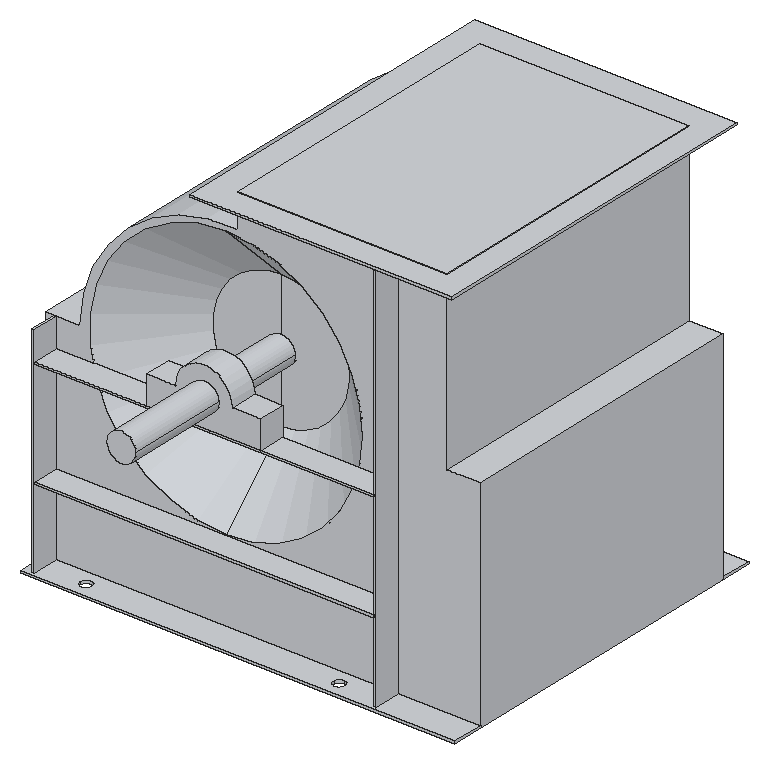
Revit family "CA_DWDI_CW_UBD", category Mechanical Equipment, Revit 2019 (continued)
Types (61): name | X/2 | X | W/2 | W | V | U | T | S | R/2 | R+R | R | P-N-M | P-N | P | N | M/2 | M | L | K | J | INLET/2 | INLET | H | G/5*3 | G/10*3 | G-2.5" | G-(G/5*3) | G+((G/5*3)+2") | G | F-.125" | F-((D-A)/2) | F | E/2 | E | D/2 | D | B/2 | B+.25" | B | A/2 | A+.25" | A | Type Comments | -P | -((B+.25")/2) | (M-(B+.25"))/2 | (G/5*3)+2" | (D-A-.25)/2 | ((B+.25")/2)
  245_CA-DWDI_CW_UBD_CLASS_2 | 1' - 8 21/32" | 3' - 5 5/16" | 0' - 0 13/32" | 0' - 0 13/16" | 0' - 8" | 1' - 1 1/2" | 1' - 6 21/32" | 3' - 1 5/16" | 0' - 1 7/32" | 0' - 4 7/8" | 0' - 2 7/16" | 0' - 2 1/4" | -3' - 5 5/16" | 4' - 2 1/16" | 0' - 8 3/4" | 1' - 7 17/32" | 3' - 3 1/16" | 1' - 7 17/32" | 0' - 2" | 1' - 8 7/8" | 1' - 2 23/32" | 2' - 5 7/16" | 4' - 1 1/2" | 1' - 2 23/32" | 0' - 7 23/64" | 1' - 10 9/16" | 0' - 10 9/32" | 3' - 5 23/32" | 2' - 1" | 3' - 10" | 3' - 8 7/16" | 3' - 10 1/8" | 1' - 7 7/32" | 3' - 2 7/16" | 1' - 2 7/16" | 2' - 4 7/8" | 1' - 5 17/32" | 2' - 11 5/16" | 2' - 11 1/16" | 1' - 0 3/4" | 2' - 1 3/4" | 2' - 1 1/2" | "Airfoil Centrifugal Blower Clockwise Up Blast Arrangement 3 Class 2" | -4' - 2 1/16" | -1' - 5 21/32" | 0' - 1 7/8" | 1' - 4 23/32" | 0' - 1 9/16" | 1' - 5 21/32"
  245_CA-DWDI_CW_UBD_CLASS_3 | 1' - 8 21/32" | 3' - 5 5/16" | 0' - 0 13/32" | 0' - 0 13/16" | 0' - 8" | 1' - 1 1/2" | 1' - 6 21/32" | 3' - 1 5/16" | 0' - 1 3/32" | 0' - 4 3/8" | 0' - 2 3/16" | 0' - 2 7/8" | -3' - 5 15/16" | 4' - 2 11/16" | 0' - 8 3/4" | 1' - 7 17/32" | 3' - 3 1/16" | 1' - 7 17/32" | 0' - 2" | 1' - 8 7/8" | 1' - 2 23/32" | 2' - 5 7/16" | 4' - 1 1/2" | 1' - 2 23/32" | 0' - 7 23/64" | 1' - 10 13/16" | 0' - 10 9/32" | 3' - 5 23/32" | 2' - 1" | 3' - 10" | 3' - 8 7/16" | 3' - 10 1/8" | 1' - 7 7/32" | 3' - 2 7/16" | 1' - 2 7/16" | 2' - 4 7/8" | 1' - 5 17/32" | 2' - 11 5/16" | 2' - 11 1/16" | 1' - 0 3/4" | 2' - 1 3/4" | 2' - 1 1/2" | "Airfoil Centrifugal Blower Clockwise Up Blast Arrangement 3 Class 3" | -4' - 2 11/16" | -1' - 5 21/32" | 0' - 1 7/8" | 1' - 4 23/32" | 0' - 1 9/16" | 1' - 5 21/32"
  270_CA-DWDI_CW_UBD_CLASS_2 | 1' - 10 27/32" | 3' - 9 11/16" | 0' - 0 13/32" | 0' - 0 13/16" | 0' - 9" | 1' - 3" | 1' - 8 27/32" | 3' - 5 11/16" | 0' - 1 11/32" | 0' - 5 3/8" | 0' - 2 11/16" | 0' - 2 1/2" | -3' - 9 15/16" | 4' - 6 15/16" | 0' - 9" | 1' - 9 23/32" | 3' - 7 7/16" | 1' - 9 23/32" | 0' - 2" | 1' - 11 3/8" | 1' - 3 31/32" | 2' - 7 15/16" | 4' - 6 3/4" | 1' - 3 31/32" | 0' - 7 63/64" | 2' - 0 5/16" | 0' - 11 1/32" | 3' - 8 31/32" | 2' - 3" | 4' - 2 1/8" | 4' - 0 9/16" | 4' - 2 1/4" | 1' - 9 13/32" | 3' - 6 13/16" | 1' - 3 7/16" | 2' - 6 7/8" | 1' - 7 23/32" | 3' - 3 11/16" | 3' - 3 7/16" | 1' - 1 3/4" | 2' - 3 3/4" | 2' - 3 1/2" | "Airfoil Centrifugal Blower Clockwise Up Blast Arrangement 3 Class 2" | -4' - 6 15/16" | -1' - 7 27/32" | 0' - 1 7/8" | 1' - 5 31/32" | 0' - 1 9/16" | 1' - 7 27/32"
  270_CA-DWDI_CW_UBD_CLASS_3 | 1' - 10 27/32" | 3' - 9 11/16" | 0' - 0 13/32" | 0' - 0 13/16" | 0' - 9" | 1' - 3" | 1' - 8 27/32" | 3' - 5 11/16" | 0' - 1 3/32" | 0' - 4 3/8" | 0' - 2 3/16" | 0' - 2 7/8" | -3' - 10 5/16" | 4' - 7 1/16" | 0' - 8 3/4" | 1' - 9 23/32" | 3' - 7 7/16" | 1' - 9 23/32" | 0' - 2" | 1' - 11 3/8" | 1' - 3 31/32" | 2' - 7 15/16" | 4' - 6 3/4" | 1' - 3 31/32" | 0' - 7 63/64" | 2' - 0 13/16" | 0' - 11 1/32" | 3' - 8 31/32" | 2' - 3" | 4' - 2 1/8" | 4' - 0 9/16" | 4' - 2 1/4" | 1' - 9 13/32" | 3' - 6 13/16" | 1' - 3 7/16" | 2' - 6 7/8" | 1' - 7 23/32" | 3' - 3 11/16" | 3' - 3 7/16" | 1' - 1 3/4" | 2' - 3 3/4" | 2' - 3 1/2" | "Airfoil Centrifugal Blower Clockwise Up Blast Arrangement 3 Class 3" | -4' - 7 1/16" | -1' - 7 27/32" | 0' - 1 7/8" | 1' - 5 31/32" | 0' - 1 9/16" | 1' - 7 27/32"
  300_CA-DWDI_CW_UBD_CLASS_2 | 2' - 0 5/8" | 4' - 1 1/4" | 0' - 0 13/32" | 0' - 0 13/16" | 0' - 10" | 1' - 4 1/2" | 1' - 10 5/8" | 3' - 9 1/4" | 0' - 1 11/32" | 0' - 5 3/8" | 0' - 2 11/16" | 0' - 2 1/2" | -4' - 1 1/2" | 4' - 11" | 0' - 9 1/2" | 1' - 11 1/2" | 3' - 11" | 1' - 11 1/2" | 0' - 2" | 2' - 1 3/8" | 1' - 5 15/32" | 2' - 10 15/16" | 5' - 0" | 1' - 5 15/32" | 0' - 8 47/64" | 2' - 3 5/16" | 1' - 0 17/32" | 4' - 1 15/32" | 2' - 6" | 4' - 7 3/4" | 4' - 6 5/32" | 4' - 7 7/8" | 1' - 11 7/32" | 3' - 10 7/16" | 1' - 5 5/16" | 2' - 10 5/8" | 1' - 9 1/2" | 3' - 7 1/4" | 3' - 7" | 1' - 3 19/32" | 2' - 7 7/16" | 2' - 7 3/16" | "Airfoil Centrifugal Blower Clockwise Up Blast Arrangement 3 Class 2" | -4' - 11" | -1' - 9 5/8" | 0' - 1 7/8" | 1' - 7 15/32" | 0' - 1 19/32" | 1' - 9 5/8"
  300_CA-DWDI_CW_UBD_CLASS_3 | 2' - 0 5/8" | 4' - 1 1/4" | 0' - 0 13/32" | 0' - 0 13/16" | 0' - 10" | 1' - 4 1/2" | 1' - 10 5/8" | 3' - 9 1/4" | 0' - 1 7/32" | 0' - 4 7/8" | 0' - 2 7/16" | 0' - 2 7/8" | -4' - 1 7/8" | 4' - 11 3/8" | 0' - 9 1/2" | 1' - 11 1/2" | 3' - 11" | 1' - 11 1/2" | 0' - 2" | 2' - 1 3/8" | 1' - 5 15/32" | 2' - 10 15/16" | 5' - 0" | 1' - 5 15/32" | 0' - 8 47/64" | 2' - 3 9/16" | 1' - 0 17/32" | 4' - 1 15/32" | 2' - 6" | 4' - 7 3/4" | 4' - 6 5/32" | 4' - 7 7/8" | 1' - 11 7/32" | 3' - 10 7/16" | 1' - 5 5/16" | 2' - 10 5/8" | 1' - 9 1/2" | 3' - 7 1/4" | 3' - 7" | 1' - 3 19/32" | 2' - 7 7/16" | 2' - 7 3/16" | "Airfoil Centrifugal Blower Clockwise Up Blast Arrangement 3 Class 3" | -4' - 11 3/8" | -1' - 9 5/8" | 0' - 1 7/8" | 1' - 7 15/32" | 0' - 1 19/32" | 1' - 9 5/8"
  330_CA-DWDI_CW_UBD_CLASS_2 | 2' - 2 23/32" | 4' - 5 7/16" | 0' - 0 13/32" | 0' - 0 13/16" | 1' - 0" | 1' - 6" | 2' - 0 21/32" | 4' - 1 5/16" | 0' - 1 3/32" | 0' - 4 3/8" | 0' - 2 3/16" | 0' - 3" | -4' - 6 1/16" | 5' - 3 11/16" | 0' - 9 5/8" | 2' - 1 17/32" | 4' - 3 1/16" | 2' - 1 17/32" | 0' - 2" | 2' - 3 7/8" | 1' - 6 31/32" | 3' - 1 15/16" | 5' - 5 3/4" | 1' - 6 31/32" | 0' - 9 31/64" | 2' - 6 13/16" | 1' - 2 1/32" | 4' - 5 31/32" | 2' - 9" | 5' - 1 1/4" | 4' - 11 5/32" | 5' - 1 3/8" | 2' - 1 3/4" | 4' - 3 1/2" | 1' - 7 15/32" | 3' - 2 15/16" | 1' - 11 17/32" | 3' - 11 5/16" | 3' - 11 1/16" | 1' - 5 1/4" | 2' - 10 3/4" | 2' - 10 1/2" | "Airfoil Centrifugal Blower Clockwise Up Blast Arrangement 3 Class 2" | -5' - 3 11/16" | -1' - 11 21/32" | 0' - 1 7/8" | 1' - 8 31/32" | 0' - 2 3/32" | 1' - 11 21/32"
  330_CA-DWDI_CW_UBD_CLASS_3 | 2' - 2 23/32" | 4' - 5 7/16" | 0' - 0 13/32" | 0' - 0 13/16" | 1' - 0" | 1' - 6" | 2' - 0 21/32" | 4' - 1 5/16" | 0' - 1 7/32" | 0' - 4 7/8" | 0' - 2 7/16" | 0' - 2 7/8" | -4' - 5 15/16" | 5' - 3 15/16" | 0' - 10" | 2' - 1 17/32" | 4' - 3 1/16" | 2' - 1 17/32" | 0' - 2" | 2' - 3 7/8" | 1' - 6 31/32" | 3' - 1 15/16" | 5' - 5 3/4" | 1' - 6 31/32" | 0' - 9 31/64" | 2' - 6 9/16" | 1' - 2 1/32" | 4' - 5 31/32" | 2' - 9" | 5' - 1 1/4" | 4' - 11 5/32" | 5' - 1 3/8" | 2' - 1 3/4" | 4' - 3 1/2" | 1' - 7 15/32" | 3' - 2 15/16" | 1' - 11 17/32" | 3' - 11 5/16" | 3' - 11 1/16" | 1' - 5 1/4" | 2' - 10 3/4" | 2' - 10 1/2" | "Airfoil Centrifugal Blower Clockwise Up Blast Arrangement 3 Class 3" | -5' - 3 15/16" | -1' - 11 21/32" | 0' - 1 7/8" | 1' - 8 31/32" | 0' - 2 3/32" | 1' - 11 21/32"
  365_CA-DWDI_CW_UBD_CLASS_2 | 2' - 5 9/32" | 4' - 10 9/16" | 0' - 0 13/32" | 0' - 0 13/16" | 1' - 1" | 1' - 8" | 2' - 3 7/32" | 4' - 6 7/16" | 0' - 1 7/32" | 0' - 4 7/8" | 0' - 2 7/16" | 0' - 2 7/8" | -4' - 11 1/16" | 5' - 9 9/16" | 0' - 10 1/2" | 2' - 4 3/32" | 4' - 8 3/16" | 2' - 4 3/32" | 0' - 2" | 2' - 6 5/8" | 1' - 8 23/32" | 3' - 5 7/16" | 6' - 0 3/8" | 1' - 8 23/32" | 0' - 10 23/64" | 2' - 9 9/16" | 1' - 3 9/32" | 4' - 10 23/32" | 3' - 0" | 5' - 7 5/16" | 5' - 5 7/32" | 5' - 7 7/16" | 2' - 4 5/16" | 4' - 8 5/8" | 1' - 9 9/16" | 3' - 7 1/8" | 2' - 2 3/32" | 4' - 4 7/16" | 4' - 4 3/16" | 1' - 7 11/32" | 3' - 2 15/16" | 3' - 2 11/16" | "Airfoil Centrifugal Blower Clockwise Up Blast Arrangement 3 Class 2" | -5' - 9 9/16" | -2' - 2 7/32" | 0' - 1 7/8" | 1' - 10 23/32" | 0' - 2 3/32" | 2' - 2 7/32"
  365_CA-DWDI_CW_UBD_CLASS_3 | 2' - 5 9/32" | 4' - 10 9/16" | 0' - 0 13/32" | 0' - 0 13/16" | 1' - 1" | 1' - 8" | 2' - 3 7/32" | 4' - 6 7/16" | 0' - 1 11/32" | 0' - 5 3/8" | 0' - 2 11/16" | 0' - 3 3/8" | -4' - 11 9/16" | 5' - 10 1/16" | 0' - 10 1/2" | 2' - 4 3/32" | 4' - 8 3/16" | 2' - 4 3/32" | 0' - 2" | 2' - 6 5/8" | 1' - 8 23/32" | 3' - 5 7/16" | 6' - 0 3/8" | 1' - 8 23/32" | 0' - 10 23/64" | 2' - 9 5/16" | 1' - 3 9/32" | 4' - 10 23/32" | 3' - 0" | 5' - 7 5/16" | 5' - 5 7/32" | 5' - 7 7/16" | 2' - 4 5/16" | 4' - 8 5/8" | 1' - 9 9/16" | 3' - 7 1/8" | 2' - 2 3/32" | 4' - 4 7/16" | 4' - 4 3/16" | 1' - 7 11/32" | 3' - 2 15/16" | 3' - 2 11/16" | "Airfoil Centrifugal Blower Clockwise Up Blast Arrangement 3 Class 3" | -5' - 10 1/16" | -2' - 2 7/32" | 0' - 1 7/8" | 1' - 10 23/32" | 0' - 2 3/32" | 2' - 2 7/32"
  402_CA-DWDI_CW_UBD_CLASS_2 | 2' - 8 19/32" | 5' - 5 3/16" | 0' - 0 17/32" | 0' - 1 1/16" | 1' - 2" | 1' - 10" | 2' - 6 21/32" | 5' - 1 5/16" | 0' - 1 7/32" | 0' - 4 7/8" | 0' - 2 7/16" | 0' - 1 7/8" | -5' - 5 11/16" | 6' - 3 11/16" | 0' - 10" | 2' - 7 29/32" | 5' - 3 13/16" | 2' - 7 29/32" | 0' - 3" | 2' - 9 5/8" | 1' - 10 19/32" | 3' - 9 3/16" | 6' - 8 3/8" | 1' - 10 19/32" | 0' - 11 19/64" | 3' - 1 9/16" | 1' - 5 13/32" | 5' - 4 19/32" | 3' - 4" | 6' - 2 9/16" | 6' - 0 15/32" | 6' - 2 11/16" | 2' - 7 1/8" | 5' - 2 1/4" | 1' - 11 3/32" | 3' - 10 3/16" | 2' - 4 29/32" | 4' - 10 1/16" | 4' - 9 13/16" | 1' - 8 7/8" | 3' - 6" | 3' - 5 3/4" | "Airfoil Centrifugal Blower Clockwise Up Blast Arrangement 3 Class 2" | -6' - 3 11/16" | -2' - 5 1/32" | 0' - 2 7/8" | 2' - 0 19/32" | 0' - 2 3/32" | 2' - 5 1/32"
  402_CA-DWDI_CW_UBD_CLASS_3 | 2' - 8 19/32" | 5' - 5 3/16" | 0' - 0 17/32" | 0' - 1 1/16" | 1' - 2" | 1' - 10" | 2' - 6 21/32" | 5' - 1 5/16" | 0' - 1 11/32" | 0' - 5 3/8" | 0' - 2 11/16" | 0' - 1 7/8" | -5' - 5 11/16" | 6' - 4 3/16" | 0' - 10 1/2" | 2' - 7 29/32" | 5' - 3 13/16" | 2' - 7 29/32" | 0' - 3" | 2' - 9 5/8" | 1' - 10 19/32" | 3' - 9 3/16" | 6' - 8 3/8" | 1' - 10 19/32" | 0' - 11 19/64" | 3' - 1 5/16" | 1' - 5 13/32" | 5' - 4 19/32" | 3' - 4" | 6' - 2 9/16" | 6' - 0 15/32" | 6' - 2 11/16" | 2' - 7 1/8" | 5' - 2 1/4" | 1' - 11 3/32" | 3' - 10 3/16" | 2' - 4 29/32" | 4' - 10 1/16" | 4' - 9 13/16" | 1' - 8 7/8" | 3' - 6" | 3' - 5 3/4" | "Airfoil Centrifugal Blower Clockwise Up Blast Arrangement 3 Class 3" | -6' - 4 3/16" | -2' - 5 1/32" | 0' - 2 7/8" | 2' - 0 19/32" | 0' - 2 3/32" | 2' - 5 1/32"
  445_CA-DWDI_CW_UBD_CLASS_2 | 2' - 11 13/16" | 5' - 11 5/8" | 0' - 0 17/32" | 0' - 1 1/16" | 1' - 4" | 2' - 0" | 2' - 9 7/8" | 5' - 7 3/4" | 0' - 1 11/32" | 0' - 5 3/8" | 0' - 2 11/16" | 0' - 2 1/4" | -6' - 0 1/2" | 6' - 11 1/2" | 0' - 11" | 2' - 11 1/8" | 5' - 10 1/4" | 2' - 11 1/8" | 0' - 3" | 3' - 1 1/8" | 2' - 0 23/32" | 4' - 1 7/16" | 7' - 4 1/2" | 2' - 0 23/32" | 1' - 0 23/64" | 3' - 5 5/16" | 1' - 7 9/32" | 5' - 10 23/32" | 3' - 8" | 6' - 10 3/16" | 6' - 8 3/32" | 6' - 10 5/16" | 2' - 10 11/32" | 5' - 8 11/16" | 2' - 1 3/16" | 4' - 2 3/8" | 2' - 8 1/8" | 5' - 4 1/2" | 5' - 4 1/4" | 1' - 10 31/32" | 3' - 10 3/16" | 3' - 9 15/16" | "Airfoil Centrifugal Blower Clockwise Up Blast Arrangement 3 Class 2" | -6' - 11 1/2" | -2' - 8 1/4" | 0' - 2 7/8" | 2' - 2 23/32" | 0' - 2 3/32" | 2' - 8 1/4"
  445_CA-DWDI_CW_UBD_CLASS_3 | 2' - 11 13/16" | 5' - 11 5/8" | 0' - 0 17/32" | 0' - 1 1/16" | 1' - 4" | 2' - 0" | 2' - 9 7/8" | 5' - 7 3/4" | 0' - 1 15/32" | 0' - 5 7/8" | 0' - 2 15/16" | 0' - 2 1/4" | -6' - 0 1/2" | 6' - 11 1/2" | 0' - 11" | 2' - 11 1/8" | 5' - 10 1/4" | 2' - 11 1/8" | 0' - 3" | 3' - 1 1/8" | 2' - 0 23/32" | 4' - 1 7/16" | 7' - 4 1/2" | 2' - 0 23/32" | 1' - 0 23/64" | 3' - 5 1/16" | 1' - 7 9/32" | 5' - 10 23/32" | 3' - 8" | 6' - 10 3/16" | 6' - 8 3/32" | 6' - 10 5/16" | 2' - 10 11/32" | 5' - 8 11/16" | 2' - 1 3/16" | 4' - 2 3/8" | 2' - 8 1/8" | 5' - 4 1/2" | 5' - 4 1/4" | 1' - 10 31/32" | 3' - 10 3/16" | 3' - 9 15/16" | "Airfoil Centrifugal Blower Clockwise Up Blast Arrangement 3 Class 3" | -6' - 11 1/2" | -2' - 8 1/4" | 0' - 2 7/8" | 2' - 2 23/32" | 0' - 2 3/32" | 2' - 8 1/4"
  490_CA-DWDI_CW_UBD_CLASS_2 | 3' - 2 3/4" | 6' - 5 1/2" | 0' - 0 17/32" | 0' - 1 1/16" | 1' - 6" | 2' - 2 1/2" | 3' - 0 13/16" | 6' - 1 5/8" | 0' - 1 23/32" | 0' - 6 7/8" | 0' - 3 7/16" | 0' - 2 1/4" | -6' - 6 3/8" | 7' - 6 3/8" | 1' - 0" | 3' - 2 1/16" | 6' - 4 1/8" | 3' - 2 1/16" | 0' - 3" | 3' - 4 3/4" | 2' - 3 1/2" | 4' - 7" | 8' - 1" | 2' - 3 1/2" | 1' - 1 3/4" | 3' - 8 9/16" | 1' - 8 1/2" | 6' - 5 1/2" | 4' - 0" | 7' - 6 1/16" | 7' - 3 31/32" | 7' - 6 3/16" | 3' - 1 9/32" | 6' - 2 9/16" | 2' - 3 23/32" | 4' - 7 7/16" | 2' - 11 1/16" | 5' - 10 3/8" | 5' - 10 1/8" | 2' - 1 1/2" | 4' - 3 1/4" | 4' - 3" | "Airfoil Centrifugal Blower Clockwise Up Blast Arrangement 3 Class 2" | -7' - 6 3/8" | -2' - 11 3/16" | 0' - 2 7/8" | 2' - 5 1/2" | 0' - 2 3/32" | 2' - 11 3/16"
  490_CA-DWDI_CW_UBD_CLASS_3 | 3' - 2 3/4" | 6' - 5 1/2" | 0' - 0 17/32" | 0' - 1 1/16" | 1' - 6" | 2' - 2 1/2" | 3' - 0 13/16" | 6' - 1 5/8" | 0' - 1 23/32" | 0' - 6 7/8" | 0' - 3 7/16" | 0' - 2 1/2" | -6' - 6 5/8" | 7' - 6 5/8" | 1' - 0" | 3' - 2 1/16" | 6' - 4 1/8" | 3' - 2 1/16" | 0' - 3" | 3' - 4 3/4" | 2' - 3 1/2" | 4' - 7" | 8' - 1" | 2' - 3 1/2" | 1' - 1 3/4" | 3' - 8 9/16" | 1' - 8 1/2" | 6' - 5 1/2" | 4' - 0" | 7' - 6 1/16" | 7' - 3 31/32" | 7' - 6 3/16" | 3' - 1 9/32" | 6' - 2 9/16" | 2' - 3 23/32" | 4' - 7 7/16" | 2' - 11 1/16" | 5' - 10 3/8" | 5' - 10 1/8" | 2' - 1 1/2" | 4' - 3 1/4" | 4' - 3" | "Airfoil Centrifugal Blower Clockwise Up Blast Arrangement 3 Class 3" | -7' - 6 5/8" | -2' - 11 3/16" | 0' - 2 7/8" | 2' - 5 1/2" | 0' - 2 3/32" | 2' - 11 3/16"
  540_CA-DWDI_CW_UBD_CLASS_2 | 3' - 8 5/32" | 7' - 4 5/16" | 0' - 0 17/32" | 0' - 1 1/16" | 1' - 8" | 2' - 5" | 3' - 4 23/32" | 6' - 9 7/16" | 0' - 1 31/32" | 0' - 7 7/8" | 0' - 3 15/16" | 0' - 2 1/4" | -7' - 2 3/16" | 8' - 3 15/16" | 1' - 1 3/4" | 3' - 5 31/32" | 6' - 11 15/16" | 3' - 5 31/32" | 0' - 3" | 3' - 8 7/8" | 2' - 6" | 5' - 0" | 8' - 10 5/8" | 2' - 6" | 1' - 3" | 4' - 1 1/16" | 1' - 11" | 7' - 1" | 4' - 5" | 8' - 3 3/8" | 8' - 1 9/32" | 8' - 3 1/2" | 3' - 5 3/16" | 6' - 10 3/8" | 2' - 6 3/32" | 5' - 0 3/16" | 3' - 2 31/32" | 6' - 6 3/16" | 6' - 5 15/16" | 2' - 3 7/8" | 4' - 8" | 4' - 7 3/4" | "Airfoil Centrifugal Blower Clockwise Up Blast Arrangement 3 Class 2" | -8' - 3 15/16" | -3' - 3 3/32" | 0' - 2 7/8" | 2' - 8" | 0' - 2 3/32" | 3' - 3 3/32"
  540_CA-DWDI_CW_UBD_CLASS_3 | 3' - 8 5/32" | 7' - 4 5/16" | 0' - 0 17/32" | 0' - 1 1/16" | 1' - 8" | 2' - 5" | 3' - 4 23/32" | 6' - 9 7/16" | 0' - 1 31/32" | 0' - 7 7/8" | 0' - 3 15/16" | 0' - 2 1/16" | -7' - 2" | 8' - 4 3/16" | 1' - 2 3/16" | 3' - 5 31/32" | 6' - 11 15/16" | 3' - 5 31/32" | 0' - 3" | 3' - 8 7/8" | 2' - 6" | 5' - 0" | 8' - 10 5/8" | 2' - 6" | 1' - 3" | 4' - 1 1/16" | 1' - 11" | 7' - 1" | 4' - 5" | 8' - 3 3/8" | 8' - 1 9/32" | 8' - 3 1/2" | 3' - 5 3/16" | 6' - 10 3/8" | 2' - 6 3/32" | 5' - 0 3/16" | 3' - 2 31/32" | 6' - 6 3/16" | 6' - 5 15/16" | 2' - 3 7/8" | 4' - 8" | 4' - 7 3/4" | "Airfoil Centrifugal Blower Clockwise Up Blast Arrangement 3 Class 3" | -8' - 4 3/16" | -3' - 3 3/32" | 0' - 2 7/8" | 2' - 8" | 0' - 2 3/32" | 3' - 3 3/32"
  600_CA-DWDI_CW_UBD_CLASS_2 | 4' - 0 5/16" | 8' - 0 5/8" | 0' - 0 17/32" | 0' - 1 1/16" | 1' - 10" | 2' - 8" | 3' - 8 7/8" | 7' - 5 3/4" | 0' - 1 31/32" | 0' - 7 7/8" | 0' - 3 15/16" | 0' - 2 1/4" | -7' - 10 1/2" | 9' - 0 3/4" | 1' - 2 1/4" | 3' - 10 1/8" | 7' - 8 1/4" | 3' - 10 1/8" | 0' - 3" | 4' - 1 3/4" | 2' - 9" | 5' - 6" | 9' - 10" | 2' - 9" | 1' - 4 1/2" | 4' - 7 1/16" | 2' - 2" | 7' - 10" | 4' - 11" | 9' - 2 9/16" | 9' - 0 15/32" | 9' - 2 11/16" | 3' - 9 11/32" | 7' - 6 11/16" | 2' - 9 5/16" | 5' - 6 5/8" | 3' - 7 1/8" | 7' - 2 1/2" | 7' - 2 1/4" | 2' - 7 3/32" | 5' - 2 7/16" | 5' - 2 3/16" | "Airfoil Centrifugal Blower Clockwise Up Blast Arrangement 3 Class 2" | -9' - 0 3/4" | -3' - 7 1/4" | 0' - 2 7/8" | 2' - 11" | 0' - 2 3/32" | 3' - 7 1/4"
  600_CA-DWDI_CW_UBD_CLASS_3 | 4' - 0 5/16" | 8' - 0 5/8" | 0' - 0 17/32" | 0' - 1 1/16" | 1' - 10" | 2' - 8" | 3' - 8 7/8" | 7' - 5 3/4" | 0' - 2 7/32" | 0' - 8 7/8" | 0' - 4 7/16" | 0' - 3 3/4" | -8' - 0" | 9' - 2 3/4" | 1' - 2 3/4" | 3' - 10 1/8" | 7' - 8 1/4" | 3' - 10 1/8" | 0' - 3" | 4' - 1 3/4" | 2' - 9" | 5' - 6" | 9' - 10" | 2' - 9" | 1' - 4 1/2" | 4' - 6 9/16" | 2' - 2" | 7' - 10" | 4' - 11" | 9' - 2 9/16" | 9' - 0 15/32" | 9' - 2 11/16" | 3' - 9 11/32" | 7' - 6 11/16" | 2' - 9 5/16" | 5' - 6 5/8" | 3' - 7 1/8" | 7' - 2 1/2" | 7' - 2 1/4" | 2' - 7 3/32" | 5' - 2 7/16" | 5' - 2 3/16" | "Airfoil Centrifugal Blower Clockwise Up Blast Arrangement 3 Class 3" | -9' - 2 3/4" | -3' - 7 1/4" | 0' - 2 7/8" | 2' - 11" | 0' - 2 3/32" | 3' - 7 1/4"
  660_CA-DWDI_CW_UBD_CLASS_2 | 4' - 4 5/8" | 8' - 9 1/4" | 0' - 0 17/32" | 0' - 1 1/16" | 2' - 1" | 2' - 11" | 4' - 1 3/16" | 8' - 2 3/8" | 0' - 2 7/32" | 0' - 8 7/8" | 0' - 4 7/16" | 0' - 2 7/16" | -8' - 7 5/16" | 9' - 10 5/8" | 1' - 3 5/16" | 4' - 2 7/16" | 8' - 4 7/8" | 4' - 2 7/16" | 0' - 3" | 4' - 6 5/8" | 3' - 0" | 6' - 0" | 10' - 9 3/8" | 3' - 0" | 1' - 6" | 5' - 0 9/16" | 2' - 5" | 8' - 7" | 5' - 5" | 10' - 1 3/4" | 9' - 11 21/32" | 10' - 1 7/8" | 4' - 1 21/32" | 8' - 3 5/16" | 3' - 0 7/16" | 6' - 0 7/8" | 3' - 11 7/16" | 7' - 11 1/8" | 7' - 10 7/8" | 2' - 10 7/32" | 5' - 8 11/16" | 5' - 8 7/16" | "Airfoil Centrifugal Blower Clockwise Up Blast Arrangement 3 Class 2" | -9' - 10 5/8" | -3' - 11 9/16" | 0' - 2 7/8" | 3' - 2" | 0' - 2 3/32" | 3' - 11 9/16"
  660_CA-DWDI_CW_UBD_CLASS_3 | 4' - 4 5/8" | 8' - 9 1/4" | 0' - 0 17/32" | 0' - 1 1/16" | 2' - 1" | 2' - 11" | 4' - 1 3/16" | 8' - 2 3/8" | 0' - 2 7/32" | 0' - 8 7/8" | 0' - 4 7/16" | 0' - 4 3/8" | -8' - 9 1/4" | 9' - 11 7/8" | 1' - 2 5/8" | 4' - 2 7/16" | 8' - 4 7/8" | 4' - 2 7/16" | 0' - 3" | 4' - 6 5/8" | 3' - 0" | 6' - 0" | 10' - 9 3/8" | 3' - 0" | 1' - 6" | 5' - 0 9/16" | 2' - 5" | 8' - 7" | 5' - 5" | 10' - 1 3/4" | 9' - 11 21/32" | 10' - 1 7/8" | 4' - 1 21/32" | 8' - 3 5/16" | 3' - 0 7/16" | 6' - 0 7/8" | 3' - 11 7/16" | 7' - 11 1/8" | 7' - 10 7/8" | 2' - 10 7/32" | 5' - 8 11/16" | 5' - 8 7/16" | "Airfoil Centrifugal Blower Clockwise Up Blast Arrangement 3 Class 3" | -9' - 11 7/8" | -3' - 11 9/16" | 0' - 2 7/8" | 3' - 2" | 0' - 2 3/32" | 3' - 11 9/16"
  730 _CA-DWDI_CW_UBD_CLASS_2 | 4' - 9 9/16" | 9' - 7 1/8" | 0' - 0 17/32" | 0' - 1 1/16" | 2' - 4" | 3' - 2 1/2" | 4' - 6 1/8" | 9' - 0 1/4" | 0' - 2 7/32" | 0' - 8 7/8" | 0' - 4 7/16" | 0' - 3 3/4" | -9' - 6 1/2" | 10' - 10 3/4" | 1' - 4 1/4" | 4' - 7 3/8" | 9' - 2 3/4" | 4' - 7 3/8" | 0' - 3" | 5' - 0 1/4" | 3' - 3 1/2" | 6' - 7" | 11' - 10 5/8" | 3' - 3 1/2" | 1' - 7 3/4" | 5' - 7 9/16" | 2' - 8 1/2" | 9' - 5 1/2" | 6' - 0" | 11' - 2 3/4" | 11' - 0 21/32" | 11' - 2 7/8" | 4' - 6 19/32" | 9' - 1 3/16" | 3' - 4 1/8" | 6' - 8 1/4" | 4' - 4 3/8" | 8' - 9" | 8' - 8 3/4" | 3' - 1 29/32" | 6' - 4 1/16" | 6' - 3 13/16" | "Airfoil Centrifugal Blower Clockwise Up Blast Arrangement 3 Class 2" | -10' - 10 3/4" | -4' - 4 1/2" | 0' - 2 7/8" | 3' - 5 1/2" | 0' - 2 3/32" | 4' - 4 1/2"
  730 _CA-DWDI_CW_UBD_CLASS_3 | 4' - 9 9/16" | 9' - 7 1/8" | 0' - 0 17/32" | 0' - 1 1/16" | 2' - 4" | 3' - 2 1/2" | 4' - 6 1/8" | 9' - 0 1/4" | 0' - 2 15/32" | 0' - 9 7/8" | 0' - 4 15/16" | 0' - 3 3/4" | -9' - 6 1/2" | 10' - 11 1/4" | 1' - 4 3/4" | 4' - 7 3/8" | 9' - 2 3/4" | 4' - 7 3/8" | 0' - 3" | 5' - 0 1/4" | 3' - 3 1/2" | 6' - 7" | 11' - 10 5/8" | 3' - 3 1/2" | 1' - 7 3/4" | 5' - 7 1/16" | 2' - 8 1/2" | 9' - 5 1/2" | 6' - 0" | 11' - 2 3/4" | 11' - 0 21/32" | 11' - 2 7/8" | 4' - 6 19/32" | 9' - 1 3/16" | 3' - 4 1/8" | 6' - 8 1/4" | 4' - 4 3/8" | 8' - 9" | 8' - 8 3/4" | 3' - 1 29/32" | 6' - 4 1/16" | 6' - 3 13/16" | "Airfoil Centrifugal Blower Clockwise Up Blast Arrangement 3 Class 3" | -10' - 11 1/4" | -4' - 4 1/2" | 0' - 2 7/8" | 3' - 5 1/2" | 0' - 2 3/32" | 4' - 4 1/2"
